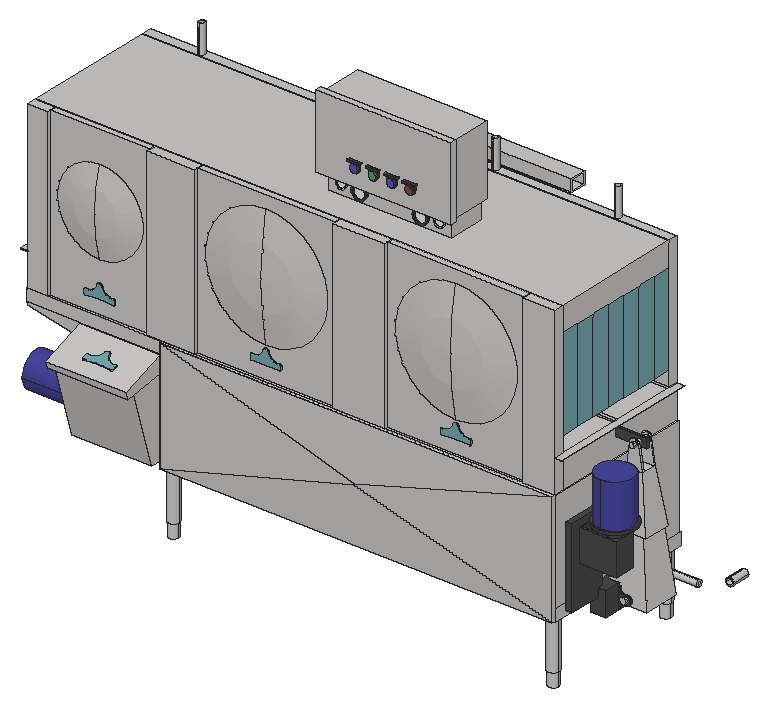
Revit family
Parameters (values of type "208/60/3")
  Width = 7' - 2"  # constant formula
  Weight in Pounds = 1700
  Watermarked By = "http://revitwatermark.com"
  Waste Water Discharge Temperature [instance] = -459.67 °F
  Volts = 208 V
  Ventilation Remarks [instance] = ""
  URL Cutsheet = ""
  URL = "www.stero.com"
  Total Height = 5' - 10 1/2"
  Table Height = 2' - 10"
  Swing Doors [instance] = no
  Steam Supply Volume [instance] = 0.00 GPM
  Steam Supply Size = 1"
  Steam Supply RI Height [instance] = 0' - 0"
  Steam Supply Minimum Pressure = 15.00 psi
  Steam Supply Maximum Pressure = 40.00 psi
  Steam Supply Connection Height = 0' - 10"
  Steam Pounds per Hour = 140
  Status [instance] = ""
  Standard Doors [instance] = not(Swing Doors)  # yes
  Specification by User [instance] = ""
  Specification by Manufacturer = ""
  Serial Number [instance] = ""
  Seismic Rating [instance] = ""
  SMACNA No [instance] = ""
  Right Ventilation Remarks [instance] = ""
  Right Vent [instance] = no
  Right Exhaust Volume [instance] = if(Right Vent, 400 CFM, 0 CFM)  # 0 CFM
  Right Exhaust Vent Width = 0' - 3 7/8"
  Right Exhaust Vent Text = "Vent, Unload End"
  Right Exhaust Vent Depth = 2' - 0 7/8"
  Right Exhaust Static Press = 0.00 in-wg
  Right Exhaust RI Height [instance] = 0' - 0"
  Right Exhaust Item Number [instance] = "-"
  Right Drain [instance] = no
  Revision Code [instance] = ""
  Plumbing Remarks [instance] = ""
  Plumbing Connection Type [instance] = ""
  Phase = 3
  Number of Poles [instance] = 1
  NAFEM Spec ID Number [instance] = ""
  Model = "ER-86S"
  Mechanical Remarks [instance] = ""
  Mechanical Connection Type [instance] = ""
  Masterspec = ""
  Manufacturer = "Stero"
  Machine Height = 4' - 7 1/2"
  Left Vent [instance] = no
  Left Drain [instance] = not(Right Drain)  # yes
  Item Number [instance] = "-"
  Installed By [instance] = ""
  Indirect Waste Size = 2"
  Indirect Waste Flow [instance] = 0.00 GPM
  Indirect Waste Connection Type [instance] = ""
  Indirect Waste Connection Height = 0' - 6"
  Hot Water Usage Rack = "- Gal/Rack"
  Hot Water Usage = "120.6 GPH"
  Hot Water Temperature = 180 °F
  Hot Water Size = 3/4"
  Hot Water RI Height [instance] = 0' - 0"
  Hot Water Minimum Pressure = 20.00 psi
  Hot Water Maximum Pressure = 20.00 psi
  Hot Water Flow = 2.01 GPM
  Hot Water Consumption = 2.01 GPM
  Hot Water Connection Height = 5' - 0"
  HP = "5.25"
  Furnished By [instance] = ""
  Foodservice Equipment Identifier [instance] = yes
  FL Amps = 17.9 A
  Exhaust Volume [instance] = if(Left Vent, 200 CFM, 0 CFM)  # 0 CFM
  Exhaust Vent Width = 0' - 3 7/8"
  Exhaust Vent Text = "Vent, Load End"
  Exhaust Vent Depth = 2' - 0 7/8"
  Exhaust Static Press = 0.00 in-wg
  Exhaust RI Height [instance] = 0' - 0"
  Electrical Remarks [instance] = ""
  Electric Connection Type [instance] = ""
  Elec Conn RI Height [instance] = 0' - 0"
  Elec Conn Connection Height = 5' - 8 1/2"
  Description = "Dishwasher, Conveyor"
  Depth = 2' - 1"
  Cycle = 60 Hz
  Conn Conduit = yes
  Condensate Return Size = 3/4"
  Condensate Return RI Height [instance] = 0' - 0"
  Condensate Return Connection Height = 0' - 8"
  Cold Water Temperature Recommended [instance] = -459.67 °F
  Cold Water Size = 3/4"
  Cold Water RI Height [instance] = 0' - 0"
  Cold Water Minimum Pressure [instance] = 0.00 psi
  Cold Water Maximum Pressure [instance] = 0.00 psi
  Cold Water Flow [instance] = 0.00 GPM
  Cold Water Consumption [instance] = ""
  Cold Water Connection Height = 5' - 0"
  CSI MasterFormat = "11 48 13"
  Building Plumbing Remarks [instance] = ""
  Building Hot Water Temperature = 140 °F
  Building Hot Water Size = 3/4"
  Building Hot Water RI Height [instance] = 0' - 0"
  Building Hot Water Minimum Pressure [instance] = 20.00 psi
  Building Hot Water Maximum Pressure [instance] = 20.00 psi
  Building Hot Water Flow [instance] = 0.00 GPM
  Building Hot Water Consumption [instance] = 2.00 GPM
  Building Hot Water Connection Height = 5' - 0"
  Building HW Item Number [instance] = "-"
  Assembly Code = "E1090320"
  Apparent Power = if(Phase = 3, Volts * FL Amps * 1.73, Volts * FL Amps)  # 6441.14 VA
  24 Door Opening [instance] = if(Swing Doors, 2' 0", 1' 10 1/2")  # 1' - 10 1/2"
  18 Door Opening [instance] = if(Swing Doors, 1' 6", 1' 4 1/4")  # 1' - 4 1/4"
Reference planes (in)
  plane 1: z = 0
  plane 2 "Left of Main Body": x = 2.32772
  plane 3 "BACK": y = -48
  plane 4 "TOP": z = 70.5
  plane 5 "RIGHT": x = 66.32772
  plane 6 "FRONT": y = -73
  plane 7 "Right of Top": x = 66.07772
  plane 8 "Right of Ledge": x = 67.57772
  plane 9 "Right End Cowl": x = 76.32772
  plane 10: x = 69.39022
  plane 11 "Bottom of Machine": z = 10
  plane 12 "Table Height": z = 34
  plane 13 "Top of Machine": z = 55.5
  plane 14 "Panel Top": z = 28.5
  plane 15: z = 12
  plane 16: y = -73.5
  plane 17: y = -47.5
  plane 18: x = 2.07772
  plane 19: x = 66.57772
  plane 20: y = -49.625
  plane 21: y = -71.375
  plane 22 "Door Center": x = 34.32772
  plane 23: x = 7.57772
  plane 24: x = 30.07772
  plane 25 "Top of Opening": z = 51.5
  plane 26: z = 2.25
  plane 27: x = 24.32772
  plane 28: x = 44.32772
  plane 29: x = 23.32772
  plane 30: x = 45.32772
  plane 31 "Front of Lower Panel": y = -66.5
  plane 32: y = -60.5
  plane 33: y = -67
  plane 34 "Back of Panel": y = -60
  plane 35 "Front of Upper Panel": y = -68
  plane 36: x = 23.82772
  plane 37: x = 44.82772
  plane 38: x = 76.20272
  plane 39: x = 73.26522
  plane 40: y = -48.0625
  plane 41: y = -72.9375
  plane 42 "Top of Vents": z = 59.5
  plane 43: x = 19.82772
  plane 44: x = 48.82772
  plane 45: y = -45
  plane 46: z = 57.5
  plane 47: y = -43
  plane 48: z = 84.5
  plane 49: x = 38.57772
  plane 50: x = 61.07772
  plane 51: x = -29.67228
  plane 52: x = -22.73478
  plane 53: x = -29.54728
  plane 54: x = -26.60978
  plane 55 "LEFT": x = -19.67228
  plane 56: x = -19.42228
  plane 57: x = -20.92228
  plane 58: x = -19.92228
  plane 59: x = -0.20185
  plane 60: x = -16.45185
  plane 61 "Drain": y = -51
  plane 62: x = 77.32772
  plane 63: x = 72.32772
  plane 64: z = 8
  plane 65: x = 7.82772
  plane 66: x = -16.20185
  plane 67: x = 29.95272
  plane 68: x = -0.32685
  plane 69: x = 28.64022
  plane 70: x = -1.63935
  plane 71: x = 60.82772
  plane 72: x = 38.70272
  plane 73: x = 40.01522
Forms (in)
  Extrusion 1, solid, material "QF_Finishes_Stainless Steel"
    sketch origin (0, 0, 10) x (0, 1, 0) y (-1, 0, 0)
      loop
        line (-47.5, -2.07772) -> (-73, -2.07772) -> (-73, -66.57772) -> (-47.5, -66.57772) -> (-47.5, -2.07772)
    from 0 to 2
  Extrusion 2, solid, material "QF_Finishes_Stainless Steel"
    sketch origin (0, 0, 28.5) x (0, 1, 0) y (-1, 0, 0)
      loop
        line (-48, -2.32772) -> (-73, -2.32772) -> (-73, -66.57772) -> (-48, -66.57772) -> (-48, -2.32772)
    from 0 to -16.5
  Extrusion 3, solid, material "QF_Finishes_Stainless Steel"
    sketch origin (-22, 0, 34) x (0, 1, 0) y (-1, 0, 0)
      loop
        line (-48, -2.32772) -> (-48, -1.07772) -> (-73, -1.07772) -> (-73, -2.32772) -> (-48, -2.32772)
    from 0 to -0.125
  Extrusion 4, solid, material "QF_Finishes_Stainless Steel"
    sketch origin (0, 0, 34) x (0, 1, 0) y (-1, 0, 0)
      loop
        line (-48, -66.32772) -> (-73, -66.32772) -> (-73, -67.57772) -> (-48, -67.57772) -> (-48, -66.32772)
    from 0 to -0.125
  Extrusion 5, solid, material "QF_Finishes_Stainless Steel"
    sketch origin (0, 0, 34) x (0, 1, 0) y (-1, 0, 0)
      loop
        line (-48, 19.67228) -> (-71.375, 19.67228) -> (-71.375, -66.32772) -> (-48, -66.32772) -> (-48, 19.67228)
    from -0.25 to -5.5
  Extrusion 6, solid, material "QF_Finishes_Stainless Steel"
    sketch origin (0, 0, 34) x (0, 1, 0) y (-1, 0, 0)
      loop
        line (-60.25, 19.67228) -> (-60.75, 19.67228) -> (-60.75, -66.32772) -> (-60.25, -66.32772) -> (-60.25, 19.67228)
      loop
        line (-48, 19.67228) -> (-49.625, 19.67228) -> (-49.625, -66.32772) -> (-48, -66.32772) -> (-48, 19.67228)
    from 0 to -0.25
  Extrusion 7, solid, material "QF_Finishes_Stainless Steel"
    sketch origin (0, 0, 55.5) x (0, 1, 0) y (-1, 0, 0)
      loop
        line (-49.625, 19.67228) -> (-71.375, 19.67228) -> (-71.375, -66.32772) -> (-49.625, -66.32772) -> (-49.625, 19.67228)
    from 0 to -4
  Extrusion 8, solid, material "QF_Finishes_Stainless Steel"
    sketch origin (0, 0, 55.5) x (0, 1, 0) y (-1, 0, 0)
      loop
        line (-48, 19.67228) -> (-49.625, 19.67228) -> (-49.625, -66.32772) -> (-48, -66.32772) -> (-48, 19.67228)
    from 0 to -21.5
  Extrusion 9, solid, material "QF_Finishes_Stainless Steel"
    sketch origin (0, -73, 0) x (-1, 0, 0) y (0, 0, 1)
      loop
        line (0.20185, 55.5) -> (-7.57772, 55.5) -> (-7.57772, 28.5) -> (0.20185, 28.5) -> (0.20185, 55.5)
    from 0 to 1.625
  Blend 10, solid, material "QF_Finishes_Stainless Steel"
    base sketch origin (-15.01335, -74, 48) x (-1, 0, 0) y (0, 0, 1)
      loop
        line (-17.34107, -19.5) -> (-81.34107, -19.5) -> (-81.34107, -38) -> (-17.34107, -38) -> (-17.34107, -19.5)
    top sketch origin (-15.01335, -74, 48) x (-1, 0, 0) y (0, 0, 1)
      loop
        line (-49.37232, -28.71875) -> (-49.37232, -28.78125) -> (-49.30982, -28.78125) -> (-49.30982, -28.71875) -> (-49.37232, -28.71875)
    from 0.5 to 0
  Extrusion 11, solid, material "QF_Finishes_Stainless Steel"
    sketch origin (0, 0, 10) x (0, 1, 0) y (-1, 0, 0)
      loop
        line (-73, -2.32772) -> (-73.5, -2.32772) -> (-73.5, -66.32772) -> (-73, -66.32772) -> (-73, -2.32772)
    from 0 to 18.5
  Extrusion 12, solid, material "QF_Finishes_Stainless Steel"
    sketch origin (0, -73, 0) x (-1, 0, 0) y (0, 0, 1)
      loop
        line (-61.07772, 55.5) -> (-66.32772, 55.5) -> (-66.32772, 28.5) -> (-61.07772, 28.5) -> (-61.07772, 55.5)
    from 0 to 1.625
  Extrusion 13, solid, material "QF_Finishes_Stainless Steel", visible <- "Standard Doors"
    sketch origin (-15.5, 0, 55.5) x (0, 1, 0) y (-1, 0, 0)
      loop
        line (-71.375, -23.07772) -> (-72.5, -23.07772) -> (-72.5, -45.57772) -> (-71.375, -45.57772) -> (-71.375, -23.07772)
    from 0 to -27
  Extrusion 14, solid, material "QF_Finishes_Stainless Steel"
    sketch origin (0, 0, 0) x (1, 0, 0) y (0, 1, 0)
      loop
        circle (3.32772, -49) r 0.8125
    from 0 to 2.25
  Extrusion 15, solid, material "QF_Finishes_Stainless Steel"
    sketch origin (0, 0, 0) x (1, 0, 0) y (0, 1, 0)
      loop
        circle (3.32772, -49) r 0.9375
    from 2.25 to 10
  Extrusion 16, solid, material "QF_Finishes_Stainless Steel"
    sketch origin (48.65544, 0, 0) x (-1, 0, 0) y (0, -1, 0)
      loop
        circle (-16.67228, 49) r 0.8125
    from 0 to 2.25
  Extrusion 17, solid, material "QF_Finishes_Stainless Steel"
    sketch origin (48.65544, 0, 0) x (-1, 0, 0) y (0, -1, 0)
      loop
        circle (-16.67228, 49) r 0.9375
    from 2.25 to 10
  Extrusion 18, solid, material "QF_Finishes_Stainless Steel"
    sketch origin (0, -121, 0) x (1, 0, 0) y (0, 1, 0)
      loop
        circle (3.32772, 49) r 0.8125
    from 0 to 2.25
  Extrusion 19, solid, material "QF_Finishes_Stainless Steel"
    sketch origin (0, -121, 0) x (1, 0, 0) y (0, 1, 0)
      loop
        circle (3.32772, 49) r 0.9375
    from 2.25 to 10
  Extrusion 20, solid, material "QF_Finishes_Stainless Steel"
    sketch origin (48.65544, -121, 0) x (-1, 0, 0) y (0, -1, 0)
      loop
        circle (-16.67228, -49) r 0.8125
    from 0 to 2.25
  Extrusion 21, solid, material "QF_Finishes_Stainless Steel"
    sketch origin (48.65544, -121, 0) x (-1, 0, 0) y (0, -1, 0)
      loop
        circle (-16.67228, -49) r 0.9375
    from 2.25 to 10
  Extrusion 22, solid, material "QF_Finishes_Light Blue"
    sketch origin (0, 0, 51.5) x (0, 1, 0) y (-1, 0, 0)
      loop
        line (-49.625, -66.32772) -> (-49.625, -66.20272) -> (-52.625, -66.20272) -> (-52.625, -66.32772) -> (-49.625, -66.32772)
      loop
        line (-52.75, -66.32772) -> (-52.75, -66.20272) -> (-55.75, -66.20272) -> (-55.75, -66.32772) -> (-52.75, -66.32772)
      loop
        line (-55.875, -66.32772) -> (-55.875, -66.20272) -> (-58.875, -66.20272) -> (-58.875, -66.32772) -> (-55.875, -66.32772)
      loop
        line (-59, -66.32772) -> (-59, -66.20272) -> (-62, -66.20272) -> (-62, -66.32772) -> (-59, -66.32772)
      loop
        line (-62.125, -66.32772) -> (-62.125, -66.20272) -> (-65.125, -66.20272) -> (-65.125, -66.32772) -> (-62.125, -66.32772)
      loop
        line (-65.25, -66.32772) -> (-65.25, -66.20272) -> (-68.25, -66.20272) -> (-68.25, -66.32772) -> (-65.25, -66.32772)
      loop
        line (-68.375, -66.32772) -> (-68.375, -66.20272) -> (-71.375, -66.20272) -> (-71.375, -66.32772) -> (-68.375, -66.32772)
    from 0 to -15
  Extrusion 23, solid, material "QF_Finishes_Light Blue"
    sketch origin (26.65544, 0, 51.5) x (0, 1, 0) y (-1, 0, 0)
      loop
        line (-49.625, 46.32772) -> (-52.625, 46.32772) -> (-52.625, 46.20272) -> (-49.625, 46.20272) -> (-49.625, 46.32772)
      loop
        line (-52.75, 46.32772) -> (-55.75, 46.32772) -> (-55.75, 46.20272) -> (-52.75, 46.20272) -> (-52.75, 46.32772)
      loop
        line (-55.875, 46.32772) -> (-58.875, 46.32772) -> (-58.875, 46.20272) -> (-55.875, 46.20272) -> (-55.875, 46.32772)
      loop
        line (-59, 46.32772) -> (-62, 46.32772) -> (-62, 46.20272) -> (-59, 46.20272) -> (-59, 46.32772)
      loop
        line (-62.125, 46.32772) -> (-65.125, 46.32772) -> (-65.125, 46.20272) -> (-62.125, 46.20272) -> (-62.125, 46.32772)
      loop
        line (-65.25, 46.32772) -> (-68.25, 46.32772) -> (-68.25, 46.20272) -> (-65.25, 46.20272) -> (-65.25, 46.32772)
      loop
        line (-68.375, 46.32772) -> (-71.375, 46.32772) -> (-71.375, 46.20272) -> (-68.375, 46.20272) -> (-68.375, 46.32772)
    from 0 to -15
  Extrusion 24, solid, material "QF_Finishes_Stainless Steel"
    sketch origin (0, 0, 55.5) x (0, 1, 0) y (-1, 0, 0)
      loop
        line (-60.5, -24.32772) -> (-66.5, -24.32772) -> (-66.5, -44.32772) -> (-60.5, -44.32772) -> (-60.5, -24.32772)
    from 0 to 3.5
  Extrusion 25, solid, material "QF_Finishes_Stainless Steel"
    sketch origin (0, 0, 55.5) x (0, 1, 0) y (-1, 0, 0)
      loop
        line (-60, -23.82772) -> (-67, -23.82772) -> (-67, -44.82772) -> (-60, -44.82772) -> (-60, -23.82772)
    from 3 to 14.5
  Extrusion 26, solid, material "QF_Finishes_Stainless Steel"
    sketch origin (0, 0, 55.5) x (0, 1, 0) y (-1, 0, 0)
      loop
        line (-67, -23.32772) -> (-68, -23.32772) -> (-68, -45.32772) -> (-67, -45.32772) -> (-67, -23.32772)
    from 3 to 15
  Extrusion 27, solid, material "QF_Finishes_Black"
    sketch origin (0, -66.5, 0) x (-1, 0, 0) y (0, 0, 1)
      loop
        circle (-29.32772, 57) r 1.25
      loop
        circle (-29.32772, 57) r 1
    from 0 to -0.25
  Extrusion 28, solid, material "QF_Finishes_Stainless Steel"
    sketch origin (0, -66.5, 0) x (-1, 0, 0) y (0, 0, 1)
      loop
        circle (-26.32772, 57.25) r 0.75
      loop
        circle (-26.32772, 57.25) r 0.875
    from 0 to -0.125
  Extrusion 29, solid, material "QF_Finishes_White"
    sketch origin (0, -66.5, 0) x (-1, 0, 0) y (0, 0, 1)
      loop
        circle (-26.32772, 57.25) r 0.75
    from 0 to -0.0625
  Extrusion 30, solid, material "QF_Finishes_White"
    sketch origin (0, -66.5, 0) x (-1, 0, 0) y (0, 0, 1)
      loop
        circle (-29.32772, 57) r 1
    from 0 to -0.0625
  Extrusion 31, solid, material "QF_Finishes_Black"
    sketch origin (48.65544, -66.5, 0) x (1, 0, 0) y (0, 0, -1)
      loop
        circle (-9.32772, -57) r 1.25
      loop
        circle (-9.32772, -57) r 1
    from 0 to -0.25
  Extrusion 32, solid, material "QF_Finishes_Stainless Steel"
    sketch origin (48.65544, -66.5, 0) x (1, 0, 0) y (0, 0, -1)
      loop
        circle (-6.32772, -57.25) r 0.75
      loop
        circle (-6.32772, -57.25) r 0.875
    from 0 to -0.125
  Extrusion 33, solid, material "QF_Finishes_White"
    sketch origin (48.65544, -66.5, 0) x (1, 0, 0) y (0, 0, -1)
      loop
        circle (-6.32772, -57.25) r 0.75
    from 0 to -0.0625
  Extrusion 34, solid, material "QF_Finishes_White"
    sketch origin (48.65544, -66.5, 0) x (1, 0, 0) y (0, 0, -1)
      loop
        circle (-9.32772, -57) r 1
    from 0 to -0.0625
  Extrusion 35, solid, material "QF_Finishes_Black"
    sketch origin (0, -68, 0) x (-1, 0, 0) y (0, 0, 1)
      loop
        line (-33.82772, 62.5) -> (-33.82772, 62.25) -> (-31.82772, 62.25) -> (-31.82772, 62.5) -> (-33.82772, 62.5)
      loop
        line (-30.82772, 62.5) -> (-30.82772, 62.25) -> (-28.82772, 62.25) -> (-28.82772, 62.5) -> (-30.82772, 62.5)
      loop
        line (-34.82772, 62.5) -> (-36.82772, 62.5) -> (-36.82772, 62.25) -> (-34.82772, 62.25) -> (-34.82772, 62.5)
      loop
        line (-37.82772, 62.5) -> (-39.82772, 62.5) -> (-39.82772, 62.25) -> (-37.82772, 62.25) -> (-37.82772, 62.5)
    from 0 to -0.5
  Extrusion 36, solid, material "QF_Finishes_Navy Blue"
    sketch origin (0, -68, 0) x (-1, 0, 0) y (0, 0, 1)
      loop
        circle (-29.82772, 61.375) r 0.625
    from -0.125 to -0.375
  Extrusion 37, solid, material "QF_Finishes_LED Green"
    sketch origin (3, -68, 0) x (-1, 0, 0) y (0, 0, 1)
      loop
        circle (-29.82772, 61.375) r 0.625
    from -0.125 to -0.375
  Extrusion 38, solid, material "QF_Finishes_Navy Blue"
    sketch origin (6, -68, 0) x (-1, 0, 0) y (0, 0, 1)
      loop
        circle (-29.82772, 61.375) r 0.625
    from -0.125 to -0.375
  Extrusion 39, solid, material "QF_Finishes_LED Red"
    sketch origin (9, -68, 0) x (-1, 0, 0) y (0, 0, 1)
      loop
        circle (-29.82772, 61.375) r 0.625
    from -0.125 to -0.375
  Extrusion 40, solid, material "QF_Finishes_Black"
    sketch origin (0, -68, 0) x (-1, 0, 0) y (0, 0, 1)
      loop
        arc (-30.57772, 61.375) -> (-29.82772, 60.625) -> (-29.07772, 61.375) r 0.75
        line (-29.07772, 61.375) -> (-29.07772, 62.25) -> (-30.57772, 62.25) -> (-30.57772, 61.375)
      loop
        arc (-33.57772, 61.375) -> (-32.82772, 60.625) -> (-32.07772, 61.375) r 0.75
        line (-32.07772, 61.375) -> (-32.07772, 62.25) -> (-33.57772, 62.25) -> (-33.57772, 61.375)
      loop
        arc (-36.57772, 61.375) -> (-35.82772, 60.625) -> (-35.07772, 61.375) r 0.75
        line (-35.07772, 61.375) -> (-35.07772, 62.25) -> (-36.57772, 62.25) -> (-36.57772, 61.375)
      loop
        arc (-39.57772, 61.375) -> (-38.82772, 60.625) -> (-38.07772, 61.375) r 0.75
        line (-38.07772, 61.375) -> (-38.07772, 62.25) -> (-39.57772, 62.25) -> (-39.57772, 61.375)
    from 0 to -0.125
  Extrusion 41, solid, material "QF_Finishes_Light Blue", visible <- "Standard Doors"
    sketch origin (-15.5, -73, 0) x (-1, 0, 0) y (0, 0, 1)
      loop
        line (-33.71645, 30.65632) -> (-32.08461, 30.57309)
        arc (-32.08461, 30.57309) -> (-31.90443, 30.64773) -> (-31.82979, 30.82792) r 0.25483
        line (-31.82979, 30.82792) -> (-31.82979, 31.31285)
        arc (-31.82979, 31.31285) -> (-31.90343, 31.49062) -> (-32.08121, 31.56426) r 0.25142
        arc (-32.08121, 31.56426) -> (-33.22593, 31.7803) -> (-33.90311, 32.72819) r 1.56264
        arc (-33.90311, 32.72819) -> (-34.31726, 33.06213) -> (-34.74741, 32.74907) r 0.43733
        arc (-34.74741, 32.74907) -> (-35.42049, 31.78611) -> (-36.57423, 31.56426) r 1.56264
        arc (-36.57423, 31.56426) -> (-36.75201, 31.49062) -> (-36.82565, 31.31285) r 0.25142
        line (-36.82565, 31.31285) -> (-36.82565, 30.82792)
        arc (-36.82565, 30.82792) -> (-36.75101, 30.64773) -> (-36.57082, 30.57309) r 0.25483
        line (-36.57082, 30.57309) -> (-34.93898, 30.65632)
        arc (-34.93898, 30.65632) -> (-34.32772, 30.6719) -> (-33.71645, 30.65632) r 12
    from 0.5 to 0.4375
  Extrusion 42, solid, material "QF_Finishes_Stainless Steel", visible <- "Right Vent"
    sketch origin (66.07772, 0, 0) x (0, -1, 0) y (0, 0, 1)
      loop
        line (73, 55.5) -> (48, 55.5) -> (48, 50.5625) -> (49.625, 48.9375) -> (49.625, 49.11428) -> (48.125, 50.61428) -> (48.125, 55.375) -> (72.875, 55.375) -> (72.875, 39.17678) -> (71.375, 37.67678) -> (71.375, 37.5) -> (73, 39.125) -> (73, 55.5)
    from -0.25 to -10.125
  Extrusion 43, solid, material "QF_Finishes_Stainless Steel", visible <- "Right Vent"
    sketch origin (76.32772, 0, 0) x (0, 1, 0) y (0, 0, 1)
      loop
        line (-71.375, 37.5) -> (-71.375, 51.5) -> (-49.625, 51.5) -> (-49.625, 48.9375) -> (-48, 50.5625) -> (-48, 55.5) -> (-73, 55.5) -> (-73, 39.125) -> (-71.375, 37.5)
    from 0 to -0.125
  Extrusion 44, solid, material "QF_Finishes_Stainless Steel", visible <- "Right Vent"
    sketch origin (48.65544, 0, 55.5) x (0, 1, 0) y (-1, 0, 0)
      loop
        line (-48.0625, -24.60978) -> (-48.0625, -20.73478) -> (-72.9375, -20.73478) -> (-72.9375, -24.60978) -> (-48.0625, -24.60978)
      loop
        line (-48.1875, -24.48478) -> (-48.1875, -20.85978) -> (-72.8125, -20.85978) -> (-72.8125, -24.48478) -> (-48.1875, -24.48478)
    from 0 to 4
  Extrusion 45, void
    sketch origin (0, 0, 55.5) x (0, 1, 0) y (-1, 0, 0)
      loop
        line (-48.1875, -69.51522) -> (-72.8125, -69.51522) -> (-72.8125, -73.14022) -> (-48.1875, -73.14022) -> (-48.1875, -69.51522)
    from 0 to -0.125
  Extrusion 46, solid, material "QF_Finishes_Black"
    sketch origin (0, -73, 0) x (-1, 0, 0) y (0, 0, 1)
      loop
        line (-66.57772, 12) -> (-66.32772, 12) -> (-66.32772, 23.9375) -> (-67.70272, 23.9375) -> (-67.70272, 10.9375) -> (-66.57772, 10.9375) -> (-66.57772, 12)
    from 1.8125 to 7.8125
  Extrusion 47, solid, material "QF_Finishes_Black"
    sketch origin (0, 0, 10) x (0, 1, 0) y (-1, 0, 0)
      loop
        line (-66.875, -72.32772) -> (-66.875, -67.95272) -> (-69.5, -67.95272) -> (-69.5, -72.32772)
        arc (-69.5, -72.32772) -> (-68.1875, -71.01522) -> (-66.875, -72.32772) r 1.3125
      loop
        line (-69.75, -73.95272) -> (-66.625, -73.95272) -> (-66.625, -67.70272) -> (-69.75, -67.70272) -> (-69.75, -73.95272)
    from 7.6875 to 12.9375
  Extrusion 48, solid, material "QF_Finishes_Black"
    sketch origin (0, 0, 10) x (0, 1, 0) y (-1, 0, 0)
      loop
        circle (-68.1875, -72.32772) r 1.0625
    from 7.1875 to 7.6875
  Extrusion 49, solid, material "QF_Finishes_Black"
    sketch origin (0, 0, 10) x (0, 1, 0) y (-1, 0, 0)
      loop
        circle (-68.1875, -72.32772) r 1.3125
    from 12.9375 to 13.4375
  Blend 50, solid, material "QF_Finishes_Black"
    base sketch origin (0, 0, 10) x (0, 1, 0) y (-1, 0, 0)
      loop
        circle (-68.1875, -72.32772) r 1.3125
    top sketch origin (0, 0, 10) x (0, 1, 0) y (-1, 0, 0)
      loop
        circle (-68.1875, -72.32772) r 2.0625
    from 13.4375 to 14.4375
  Extrusion 51, solid, material "QF_Finishes_Black"
    sketch origin (0, 0, 10) x (0, 1, 0) y (-1, 0, 0)
      loop
        circle (-68.1875, -72.32772) r 3.25
    from 14.4375 to 14.8125
  Extrusion 52, solid, material "QF_Finishes_Blue"
    sketch origin (0, 0, 10) x (0, 1, 0) y (-1, 0, 0)
      loop
        circle (-68.1875, -72.32772) r 2.875
    from 14.8125 to 21.9375
  Extrusion 53, solid, material "QF_Finishes_Black"
    sketch origin (0, -73, 0) x (-1, 0, 0) y (0, 0, 1)
      loop
        line (-66.32772, 33.1875) -> (-71.57772, 33.1875) -> (-71.57772, 31.6875) -> (-66.32772, 31.6875) -> (-66.32772, 33.1875)
      loop
        circle (-70.57772, 32.4375) r 0.375
    from 12.3125 to 12.6875
  Extrusion 54, solid, material "QF_Finishes_Black"
    sketch origin (0, -73, 0) x (-1, 0, 0) y (0, 0, 1)
      loop
        line (-66.32772, 12) -> (-66.32772, 12.4375) -> (-69.07772, 12.4375) -> (-69.07772, 8.4375) -> (-66.57772, 8.4375) -> (-66.57772, 12) -> (-66.32772, 12)
    from 7 to 18
  Extrusion 55, solid, material "QF_Finishes_Black"
    sketch origin (0, -73, 0) x (-1, 0, 0) y (0, 0, 1)
      loop
        line (-69.07772, 12.125) -> (-69.32772, 12.125)
        arc (-69.32772, 12.125) -> (-69.5045, 12.05178) -> (-69.57772, 11.875) r 0.25
        line (-69.57772, 11.875) -> (-69.57772, 11.5625)
        arc (-69.57772, 11.5625) -> (-69.68755, 11.29733) -> (-69.95272, 11.1875) r 0.375
        line (-69.95272, 11.1875) -> (-70.57772, 11.1875)
        arc (-70.57772, 11.1875) -> (-71.32772, 10.4375) -> (-70.57772, 9.6875) r 0.75
        line (-70.57772, 9.6875) -> (-69.95272, 9.6875)
        arc (-69.95272, 9.6875) -> (-69.68755, 9.57767) -> (-69.57772, 9.3125) r 0.375
        line (-69.57772, 9.3125) -> (-69.57772, 9)
        arc (-69.57772, 9) -> (-69.5045, 8.82322) -> (-69.32772, 8.75) r 0.25
        line (-69.32772, 8.75) -> (-69.07772, 8.75) -> (-69.07772, 12.125)
      loop
        circle (-70.57772, 10.4375) r 0.5
    from 9.375 to 9.5
  Extrusion 56, solid, material "QF_Finishes_Black"
    sketch origin (0, -66.875, 0) x (-1, 0, 0) y (0, 0, 1)
      loop
        line (-69.07772, 12.125) -> (-69.32772, 12.125)
        arc (-69.32772, 12.125) -> (-69.5045, 12.05178) -> (-69.57772, 11.875) r 0.25
        line (-69.57772, 11.875) -> (-69.57772, 11.5625)
        arc (-69.57772, 11.5625) -> (-69.68755, 11.29733) -> (-69.95272, 11.1875) r 0.375
        line (-69.95272, 11.1875) -> (-70.57772, 11.1875)
        arc (-70.57772, 11.1875) -> (-71.32772, 10.4375) -> (-70.57772, 9.6875) r 0.75
        line (-70.57772, 9.6875) -> (-69.95272, 9.6875)
        arc (-69.95272, 9.6875) -> (-69.68755, 9.57767) -> (-69.57772, 9.3125) r 0.375
        line (-69.57772, 9.3125) -> (-69.57772, 9)
        arc (-69.57772, 9) -> (-69.5045, 8.82322) -> (-69.32772, 8.75) r 0.25
        line (-69.32772, 8.75) -> (-69.07772, 8.75) -> (-69.07772, 12.125)
      loop
        circle (-70.57772, 10.4375) r 0.5
    from 9.375 to 9.5
  Extrusion 57, solid, material "QF_Finishes_Stainless Steel"
    sketch origin (0, -73, 0) x (-1, 0, 0) y (0, 0, 1)
      loop
        circle (-70.32772, 32.4375) r 0.375
      loop
        line (-71.06584, 32.57045) -> (-71.76522, 28.6875) -> (-69.14022, 28.6875) -> (-69.5896, 32.57045)
        arc (-69.5896, 32.57045) -> (-70.32772, 33.1875) -> (-71.06584, 32.57045) r 0.75
    from 11.25 to 11.375
  Extrusion 58, solid, material "QF_Finishes_Stainless Steel"
    sketch origin (0, -48, 0) x (-1, 0, 0) y (0, 0, -1)
      loop
        circle (-70.32772, -32.4375) r 0.375
      loop
        arc (-71.06584, -32.57045) -> (-70.32772, -33.1875) -> (-69.5896, -32.57045) r 0.75
        line (-69.5896, -32.57045) -> (-69.14022, -28.6875) -> (-71.76522, -28.6875) -> (-71.06584, -32.57045)
    from 11.25 to 11.375
  Extrusion 59, solid, material "QF_Finishes_Stainless Steel"
    sketch origin (0, -73, 0) x (-1, 0, 0) y (0, 0, 1)
      loop
        circle (-70.32772, 32.4375) r 0.375
    from 10.75 to 14.25
  Blend 60, solid, material "QF_Finishes_Stainless Steel"
    base sketch origin (0, 0, 34) x (0, 1, 0) y (-1, 0, 0)
      loop
        line (-58.25, -67.89022) -> (-62.75, -67.89022) -> (-62.75, -73.01522) -> (-58.25, -73.01522) -> (-58.25, -67.89022)
    top sketch origin (0, 0, 34) x (0, 1, 0) y (-1, 0, 0)
      loop
        line (-59.25, -69.14022) -> (-61.75, -69.14022) -> (-61.75, -71.76522) -> (-59.25, -71.76522) -> (-59.25, -69.14022)
    from -14.0625 to -5.3125
  Blend 61, solid, material "QF_Finishes_Stainless Steel"
    base sketch origin (0, 0, 25.25) x (0, 1, 0) y (-1, 0, 0)
      loop
        line (-57.5, -67.14022) -> (-63.5, -67.14022) -> (-63.5, -73.76522) -> (-57.5, -73.76522) -> (-57.5, -67.14022)
    top sketch origin (0, 0, 25.25) x (0, 1, 0) y (-1, 0, 0)
      loop
        line (-58.5, -68.14022) -> (-62.5, -68.14022) -> (-62.5, -72.51522) -> (-58.5, -72.51522) -> (-58.5, -68.14022)
    from -15.5625 to -5.3125
  Extrusion 62, solid, material "QF_Finishes_Stainless Steel"
    sketch origin (0, -73, -22) x (-1, 0, 0) y (0, 0, 1)
      loop
        circle (-70.32772, 32.4375) r 0.5
    from 9 to 16
  Extrusion 63, solid, material "QF_Finishes_Stainless Steel"
    sketch origin (0, 0, 55.5) x (0, 1, 0) y (-1, 0, 0)
      loop
        circle (-48.75, -57.32772) r 0.375
      loop
        circle (-48.75, -57.32772) r 0.5
    from 0 to 4.5
  Extrusion 64, solid, material "QF_Finishes_Stainless Steel"
    sketch origin (2.32772, 0, 0) x (0, 1, 0) y (0, 0, 1)
      loop
        line (-45, 57.5) -> (-47.75, 57.5) -> (-47.75, 55.5) -> (-45, 55.5) -> (-45, 57.5)
      loop
        line (-45.125, 57.375) -> (-47.625, 57.375) -> (-47.625, 55.625) -> (-45.125, 55.625) -> (-45.125, 57.375)
    from 17.5 to 46.5
  Extrusion 65, solid, material "QF_Finishes_Stainless Steel"
    sketch origin (2.32772, 0, 0) x (0, 1, 0) y (0, 0, 1)
      loop
        line (-47.75, 55.5) -> (-47.75, 55.625) -> (-48, 55.625) -> (-48, 55.5) -> (-47.75, 55.5)
    from 17.5 to 46.5
  Extrusion 66, solid, material "QF_Finishes_Stainless Steel"
    sketch origin (0, -60, 0) x (-1, 0, 0) y (0, 0, 1)
      loop
        circle (-44.32772, 68.5) r 0.25
    from 0 to 0.0625
  Extrusion 67, solid, material "QF_Finishes_Stainless Steel"
    sketch origin (0, -1, 10) x (0, 1, 0) y (-1, 0, 0)
      loop
        circle (-50, -49.82772) r 1
      loop
        circle (-50, -49.82772) r 1.125
    from 0 to -4
  Extrusion 68, solid, material "QF_Finishes_Clearance", detail levels coarse
    sketch origin (0, 0, 0) x (1, 0, 0) y (0, 1, 0)
      loop
        line (-20.92228, -47.5) -> (19.82772, -47.5) -> (19.82772, -45) -> (48.82772, -45) -> (48.82772, -47.5) -> (67.57772, -47.5) -> (67.57772, -43) -> (-20.92228, -43) -> (-20.92228, -47.5)
    from 0 to 70.5
  Extrusion 69, solid, material "QF_Finishes_Clearance", visible <- "Standard Doors", detail levels coarse
    sketch origin (-15.5, -73, 0) x (-1, 0, 0) y (0, 0, 1)
      loop
        line (-23.07772, 84.5) -> (-45.57772, 84.5) -> (-45.57772, 55.5) -> (-23.07772, 55.5) -> (-23.07772, 84.5)
    from 0 to 1.625
  Extrusion 70, solid, material "QF_Finishes_Clearance", visible <- "Right Vent", detail levels coarse
    sketch origin (0, 0, 0) x (1, 0, 0) y (0, 1, 0)
      loop
        line (67.57772, -43) -> (67.57772, -47.5) -> (76.32772, -47.5) -> (76.32772, -43) -> (67.57772, -43)
    from 0 to 70.5
  Revolve 71, solid, material "QF_Finishes_Stainless Steel", visible <- "Standard Doors"
    sketch origin (18.82772, 0, 0) x (0, 1, 0) y (0, 0, 1)
      loop
        line (-72.5, 43.5) -> (-72.5, 53.5)
        arc (-72.5, 53.5) -> (-73.26244, 48.52624) -> (-73.5, 43.5) r 48
        line (-73.5, 43.5) -> (-72.5, 43.5)
      axis (-72.5, 43.5) -> (-73.5, 43.5)
    angle from 0 to 360
  Extrusion 72, solid, material "QF_Finishes_Stainless Steel", visible <- "Standard Doors"
    sketch origin (14.5, 0, 55.5) x (0, 1, 0) y (-1, 0, 0)
      loop
        line (-71.375, -24.07772) -> (-72.5, -24.07772) -> (-72.5, -46.57772) -> (-71.375, -46.57772) -> (-71.375, -24.07772)
    from 0 to -27
  Extrusion 73, solid, material "QF_Finishes_Light Blue", visible <- "Standard Doors"
    sketch origin (15.5, -73, 0) x (-1, 0, 0) y (0, 0, 1)
      loop
        line (-33.71645, 30.65632) -> (-32.08461, 30.57309)
        arc (-32.08461, 30.57309) -> (-31.90443, 30.64773) -> (-31.82979, 30.82792) r 0.25483
        line (-31.82979, 30.82792) -> (-31.82979, 31.31285)
        arc (-31.82979, 31.31285) -> (-31.90343, 31.49062) -> (-32.08121, 31.56426) r 0.25142
        arc (-32.08121, 31.56426) -> (-33.22593, 31.7803) -> (-33.90311, 32.72819) r 1.56264
        arc (-33.90311, 32.72819) -> (-34.31726, 33.06213) -> (-34.74741, 32.74907) r 0.43733
        arc (-34.74741, 32.74907) -> (-35.42049, 31.78611) -> (-36.57423, 31.56426) r 1.56264
        arc (-36.57423, 31.56426) -> (-36.75201, 31.49062) -> (-36.82565, 31.31285) r 0.25142
        line (-36.82565, 31.31285) -> (-36.82565, 30.82792)
        arc (-36.82565, 30.82792) -> (-36.75101, 30.64773) -> (-36.57082, 30.57309) r 0.25483
        line (-36.57082, 30.57309) -> (-34.93898, 30.65632)
        arc (-34.93898, 30.65632) -> (-34.32772, 30.6719) -> (-33.71645, 30.65632) r 12
    from 0.5 to 0.4375
  Extrusion 74, solid, material "QF_Finishes_Clearance", visible <- "Standard Doors", detail levels coarse
    sketch origin (14.5, -73, 0) x (-1, 0, 0) y (0, 0, 1)
      loop
        line (-24.07772, 84.5) -> (-46.57772, 84.5) -> (-46.57772, 55.5) -> (-24.07772, 55.5) -> (-24.07772, 84.5)
    from 0 to 1.625
  Revolve 75, solid, material "QF_Finishes_Stainless Steel", visible <- "Standard Doors"
    sketch origin (49.82772, 0, 0) x (0, 1, 0) y (0, 0, 1)
      loop
        line (-72.5, 43.5) -> (-72.5, 53.5)
        arc (-72.5, 53.5) -> (-73.26244, 48.52624) -> (-73.5, 43.5) r 48
        line (-73.5, 43.5) -> (-72.5, 43.5)
      axis (-72.5, 43.5) -> (-73.5, 43.5)
    angle from 0 to 360
  Extrusion 76, solid, material "QF_Finishes_Stainless Steel"
    sketch origin (-29, -73, 0) x (-1, 0, 0) y (0, 0, 1)
      loop
        line (-59.07772, 55.5) -> (-67.57772, 55.5) -> (-67.57772, 28.5) -> (-59.07772, 28.5) -> (-59.07772, 55.5)
    from 0 to 1.625
  Extrusion 77, solid, material "QF_Finishes_Stainless Steel"
    sketch origin (-44, 0, 55.5) x (0, 1, 0) y (-1, 0, 0)
      loop
        circle (-48.75, -81.32772) r 0.375
      loop
        circle (-48.75, -81.32772) r 0.5
    from 0 to 4.5
  Extrusion 78, solid, material "QF_Finishes_Stainless Steel", visible <- "Right Drain"
    sketch origin (0, -1, 0) x (1, 0, 0) y (0, 1, 0)
      loop
        circle (49.82772, -50) r 1
    from 6 to 6.25
  Extrusion 79, solid, material "QF_Finishes_Stainless Steel", visible <- "Left Vent"
    sketch origin (-19.67228, 0, 0) x (0, 1, 0) y (0, 0, 1)
      loop
        line (-73, 55.5) -> (-73, 39.125) -> (-71.375, 37.5) -> (-71.375, 37.67678) -> (-72.875, 39.17678) -> (-72.875, 55.375) -> (-48.125, 55.375) -> (-48.125, 50.61428) -> (-49.625, 49.11428) -> (-49.625, 48.9375) -> (-48, 50.5625) -> (-48, 55.5) -> (-73, 55.5)
    from 0 to -9.875
  Extrusion 80, solid, material "QF_Finishes_Stainless Steel", visible <- "Left Vent"
    sketch origin (-29.67228, 0, 0) x (0, 1, 0) y (0, 0, 1)
      loop
        line (-71.375, 37.5) -> (-71.375, 51.5) -> (-49.625, 51.5) -> (-49.625, 48.9375) -> (-48, 50.5625) -> (-48, 55.5) -> (-73, 55.5) -> (-73, 39.125) -> (-71.375, 37.5)
    from 0 to 0.125
  Extrusion 81, solid, material "QF_Finishes_Stainless Steel", visible <- "Left Vent"
    sketch origin (-22.25, 0, 55.5) x (0, 1, 0) y (-1, 0, 0)
      loop
        line (-48.0625, 4.35978) -> (-72.9375, 4.35978) -> (-72.9375, 0.48478) -> (-48.0625, 0.48478) -> (-48.0625, 4.35978)
      loop
        line (-48.1875, 4.23478) -> (-72.8125, 4.23478) -> (-72.8125, 0.60978) -> (-48.1875, 0.60978) -> (-48.1875, 4.23478)
    from 0 to 4
  Extrusion 82, solid, material "QF_Finishes_Clearance", visible <- "Left Vent", detail levels coarse
    sketch origin (-22.25, 0, 0) x (1, 0, 0) y (0, 1, 0)
      loop
        line (-7.42228, -43) -> (-7.42228, -47.5) -> (1.32772, -47.5) -> (1.32772, -43) -> (-7.42228, -43)
    from 0 to 70.5
  Extrusion 83, solid, material "QF_Finishes_Stainless Steel", visible <- "Standard Doors"
    sketch origin (-32.65457, 0, 55.5) x (0, 1, 0) y (-1, 0, 0)
      loop
        line (-71.375, -16.20272) -> (-72.5, -16.20272) -> (-72.5, -32.45272) -> (-71.375, -32.45272) -> (-71.375, -16.20272)
    from 0 to -27
  Revolve 84, solid, material "QF_Finishes_Stainless Steel", visible <- "Standard Doors"
    sketch origin (-8.32685, 0, 0) x (0, 1, 0) y (0, 0, 1)
      loop
        line (-72.5, 43.5) -> (-72.5, 50.5)
        arc (-72.5, 50.5) -> (-73.23908, 47.03415) -> (-73.5, 43.5) r 26
        line (-73.5, 43.5) -> (-72.5, 43.5)
      axis (-72.5, 43.5) -> (-73.5, 43.5)
    angle from 0 to 360
  Extrusion 85, solid, material "QF_Finishes_Light Blue", visible <- "Standard Doors"
    sketch origin (-32.65457, -73, 0) x (-1, 0, 0) y (0, 0, 1)
      loop
        line (-23.71645, 30.65632) -> (-22.08461, 30.57309)
        arc (-22.08461, 30.57309) -> (-21.90443, 30.64773) -> (-21.82979, 30.82792) r 0.25483
        line (-21.82979, 30.82792) -> (-21.82979, 31.31285)
        arc (-21.82979, 31.31285) -> (-21.90343, 31.49062) -> (-22.08121, 31.56426) r 0.25142
        arc (-22.08121, 31.56426) -> (-23.22593, 31.7803) -> (-23.90311, 32.72819) r 1.56264
        arc (-23.90311, 32.72819) -> (-24.31726, 33.06213) -> (-24.74741, 32.74907) r 0.43733
        arc (-24.74741, 32.74907) -> (-25.42049, 31.78611) -> (-26.57423, 31.56426) r 1.56264
        arc (-26.57423, 31.56426) -> (-26.75201, 31.49062) -> (-26.82565, 31.31285) r 0.25142
        line (-26.82565, 31.31285) -> (-26.82565, 30.82792)
        arc (-26.82565, 30.82792) -> (-26.75101, 30.64773) -> (-26.57082, 30.57309) r 0.25483
        line (-26.57082, 30.57309) -> (-24.93898, 30.65632)
        arc (-24.93898, 30.65632) -> (-24.32772, 30.6719) -> (-23.71645, 30.65632) r 12
    from 0.5 to 0.4375
  Extrusion 86, solid, material "QF_Finishes_Clearance", visible <- "Standard Doors", detail levels coarse
    sketch origin (-32.65457, -73, 0) x (-1, 0, 0) y (0, 0, 1)
      loop
        line (-16.20272, 84.5) -> (-32.45272, 84.5) -> (-32.45272, 55.5) -> (-16.20272, 55.5) -> (-16.20272, 84.5)
    from 0.5 to 1.625
  Extrusion 87, solid, material "QF_Finishes_Stainless Steel"
    sketch origin (-0.5, -73, 0) x (-1, 0, 0) y (0, 0, 1)
      loop
        line (10.60978, 26.5) -> (-2.57772, 26.5) -> (-2.57772, 10.9375) -> (10.60978, 10.9375) -> (10.60978, 26.5)
    from 0 to 25
  Extrusion 88, solid, material "QF_Finishes_Stainless Steel"
    sketch origin (-11.10978, 0, 0) x (0, 1, 0) y (0, 0, 1)
      loop
        line (-73, 10.9375) -> (-73, 23.75) -> (-78.50369, 23.01085) -> (-74.8125, 10.9375) -> (-73, 10.9375)
    from 0 to 13.1875
  Extrusion 89, solid, material "QF_Finishes_Stainless Steel"
    sketch origin (-11.10978, 0, 0) x (0, 1, 0) y (0, 0, 1)
      loop
        line (-73, 23.75) -> (-73, 26.4375) -> (-80, 23.88971) -> (-79.75188, 22.84321) -> (-73, 23.75)
    from 0 to 13.1875
  Extrusion 90, solid, material "QF_Finishes_Light Blue"
    sketch origin (-29.09375, -106.64897, 14.72237) x (-1, 0, 0) y (0, 0.939693, 0.34202)
      loop
        line (-23.9661, 30.65632) -> (-22.33426, 30.57309)
        arc (-22.33426, 30.57309) -> (-22.15408, 30.64773) -> (-22.07944, 30.82792) r 0.25483
        line (-22.07944, 30.82792) -> (-22.07944, 31.31285)
        arc (-22.07944, 31.31285) -> (-22.15308, 31.49062) -> (-22.33085, 31.56426) r 0.25142
        arc (-22.33085, 31.56426) -> (-23.47558, 31.7803) -> (-24.15276, 32.72819) r 1.56264
        arc (-24.15276, 32.72819) -> (-24.56691, 33.06213) -> (-24.99706, 32.74907) r 0.43733
        arc (-24.99706, 32.74907) -> (-25.67014, 31.78611) -> (-26.82388, 31.56426) r 1.56264
        arc (-26.82388, 31.56426) -> (-27.00166, 31.49062) -> (-27.0753, 31.31285) r 0.25142
        line (-27.0753, 31.31285) -> (-27.0753, 30.82792)
        arc (-27.0753, 30.82792) -> (-27.00066, 30.64773) -> (-26.82047, 30.57309) r 0.25483
        line (-26.82047, 30.57309) -> (-25.18863, 30.65632)
        arc (-25.18863, 30.65632) -> (-24.57737, 30.6719) -> (-23.9661, 30.65632) r 12
    from 0.5 to 0.4375
  Extrusion 91, solid, material "QF_Finishes_Black"
    sketch origin (-11.10978, 0, 0) x (0, 1, 0) y (0, 0, 1)
      loop
        circle (-68, 13.625) r 3.75
    from 0 to -0.375
  Extrusion 92, solid, material "QF_Finishes_Blue"
    sketch origin (-11.10978, 0, 0) x (0, 1, 0) y (0, 0, 1)
      loop
        circle (-68, 13.625) r 2.875
    from -0.375 to -11.1875
  Extrusion 93, solid, material "QF_Finishes_Stainless Steel"
    sketch origin (-0.5, -73, 0) x (-1, 0, 0) y (0, 0, 1)
      loop
        line (19.17228, 26.5) -> (10.60978, 26.5) -> (10.60978, 24.25) -> (19.17228, 26.125) -> (19.17228, 26.5)
    from 0 to 25
  Sweep 94, solid, material "QF_Finishes_Stainless Steel"
    path origin (0.03293, -51, 0) x (-1, 0, 0) y (0, 0, 1)
      loop
        line (-49.89022, 8.5) -> (9.60978, 8.5)
    profile origin (20.17315, -51, 8.5) x (0, 0, 1) y (0, 1, 0)
      loop
        circle (0, 0) r 1
      loop
        circle (0, 0) r 1.125
  Extrusion 95, solid, material "QF_Finishes_Stainless Steel"
    sketch origin (-20.27957, -1, 10) x (0, 1, 0) y (-1, 0, 0)
      loop
        circle (-50, -10.60729) r 1
      loop
        circle (-50, -10.60729) r 1.125
    from 0.9375 to -4
  Extrusion 96, solid, material "QF_Finishes_Stainless Steel", visible <- "Right Drain"
    sketch origin (0.03293, -1, 0) x (1, 0, 0) y (0, 1, 0)
      loop
        circle (-9.70521, -50) r 1
    from 6 to 6.25
  Extrusion 97, solid, material "QF_Finishes_Stainless Steel"
    sketch origin (-24.02957, -73, 0) x (-1, 0, 0) y (0, 0, 1)
      loop
        line (-4.35729, 55.5) -> (-7.57772, 55.5) -> (-7.57772, 28.5) -> (-4.35729, 28.5) -> (-4.35729, 55.5)
    from 0 to 1.625
  Extrusion 98, solid, material "QF_Finishes_Stainless Steel"
    sketch origin (-22.25, 0, 28.5) x (0, 1, 0) y (-1, 0, 0)
      loop
        line (-48, -2.32772) -> (-73, -2.32772) -> (-73, -24.57772) -> (-48, -24.57772) -> (-48, -2.32772)
    from 0 to -2
  Extrusion 99, void
    sketch origin (0, 0, 55.5) x (0, 1, 0) y (-1, 0, 0)
      loop
        line (-48.1875, 26.48478) -> (-72.8125, 26.48478) -> (-72.8125, 22.85978) -> (-48.1875, 22.85978) -> (-48.1875, 26.48478)
    from 0 to -0.125
  Extrusion 100, solid, material "QF_Finishes_Stainless Steel"
    sketch origin (-69.75, 0, 55.5) x (0, 1, 0) y (-1, 0, 0)
      loop
        circle (-48.75, -59.07772) r 0.375
      loop
        circle (-48.75, -59.07772) r 0.5
    from 0 to 4.5
  Extrusion 101, solid, material "QF_Finishes_Stainless Steel"
    sketch origin (0, -48, 0) x (1, 0, 0) y (0, 0, 1)
      loop
        circle (77.32772, 10) r 0.5
      loop
        circle (77.32772, 10) r 0.625
    from 0 to 3
  Sweep 102, solid, material "QF_Finishes_Stainless Steel"
    path origin (0, -51, 0) x (-1, 0, 0) y (0, 0, 1)
      loop
        line (-72.32772, 8) -> (-66.32772, 8)
        arc (-66.32772, 8) -> (-65.62061, 8.29289) -> (-65.32772, 9) r 1
        line (-65.32772, 9) -> (-65.32772, 10)
    profile origin (69.32772, -51, 8) x (0, 0, 1) y (0, 1, 0)
      loop
        circle (0, 0) r 0.375
      loop
        circle (0, 0) r 0.5
  Extrusion 103, solid, material "QF_Finishes_Stainless Steel", not visible
    sketch origin (-11.10978, 0, 0) x (0, 1, 0) y (0, 0, 1)
      loop
        line (-73, 10.9375) -> (-73, 23.75) -> (-78.50369, 23.01085) -> (-74.8125, 10.9375) -> (-73, 10.9375)
    from 0 to 13.1875
  Extrusion 104, solid, material "QF_Finishes_Stainless Steel", not visible
    sketch origin (-11.10978, 0, 0) x (0, 1, 0) y (0, 0, 1)
      loop
        line (-73, 23.75) -> (-73, 26.4375) -> (-80, 23.88971) -> (-79.75188, 22.84321) -> (-73, 23.75)
    from 0 to 13.1875
  Extrusion 105, solid, material "QF_Finishes_Light Blue", not visible
    sketch origin (-29.09375, -106.64897, 14.72237) x (-1, 0, 0) y (0, 0.939693, 0.34202)
      loop
        line (-23.9661, 30.65632) -> (-22.33426, 30.57309)
        arc (-22.33426, 30.57309) -> (-22.15408, 30.64773) -> (-22.07944, 30.82792) r 0.25483
        line (-22.07944, 30.82792) -> (-22.07944, 31.31285)
        arc (-22.07944, 31.31285) -> (-22.15308, 31.49062) -> (-22.33085, 31.56426) r 0.25142
        arc (-22.33085, 31.56426) -> (-23.47558, 31.7803) -> (-24.15276, 32.72819) r 1.56264
        arc (-24.15276, 32.72819) -> (-24.56691, 33.06213) -> (-24.99706, 32.74907) r 0.43733
        arc (-24.99706, 32.74907) -> (-25.67014, 31.78611) -> (-26.82388, 31.56426) r 1.56264
        arc (-26.82388, 31.56426) -> (-27.00166, 31.49062) -> (-27.0753, 31.31285) r 0.25142
        line (-27.0753, 31.31285) -> (-27.0753, 30.82792)
        arc (-27.0753, 30.82792) -> (-27.00066, 30.64773) -> (-26.82047, 30.57309) r 0.25483
        line (-26.82047, 30.57309) -> (-25.18863, 30.65632)
        arc (-25.18863, 30.65632) -> (-24.57737, 30.6719) -> (-23.9661, 30.65632) r 12
    from 0.5 to 0.4375
  Extrusion 106, solid, material "QF_Finishes_Black", not visible
    sketch origin (0, -68, 0) x (-1, 0, 0) y (0, 0, 1)
      loop
        line (-33.82772, 62.5) -> (-33.82772, 62.25) -> (-31.82772, 62.25) -> (-31.82772, 62.5) -> (-33.82772, 62.5)
      loop
        line (-30.82772, 62.5) -> (-30.82772, 62.25) -> (-28.82772, 62.25) -> (-28.82772, 62.5) -> (-30.82772, 62.5)
      loop
        line (-34.82772, 62.5) -> (-36.82772, 62.5) -> (-36.82772, 62.25) -> (-34.82772, 62.25) -> (-34.82772, 62.5)
      loop
        line (-37.82772, 62.5) -> (-39.82772, 62.5) -> (-39.82772, 62.25) -> (-37.82772, 62.25) -> (-37.82772, 62.5)
    from 0 to -0.5
  Extrusion 107, solid, material "QF_Finishes_Navy Blue", not visible
    sketch origin (0, -68, 0) x (-1, 0, 0) y (0, 0, 1)
      loop
        circle (-29.82772, 61.375) r 0.625
    from -0.125 to -0.375
  Extrusion 108, solid, material "QF_Finishes_LED Green", not visible
    sketch origin (3, -68, 0) x (-1, 0, 0) y (0, 0, 1)
      loop
        circle (-29.82772, 61.375) r 0.625
    from -0.125 to -0.375
  Extrusion 109, solid, material "QF_Finishes_Navy Blue", not visible
    sketch origin (6, -68, 0) x (-1, 0, 0) y (0, 0, 1)
      loop
        circle (-29.82772, 61.375) r 0.625
    from -0.125 to -0.375
  Extrusion 110, solid, material "QF_Finishes_LED Red", not visible
    sketch origin (9, -68, 0) x (-1, 0, 0) y (0, 0, 1)
      loop
        circle (-29.82772, 61.375) r 0.625
    from -0.125 to -0.375
  Extrusion 111, solid, material "QF_Finishes_Black", not visible
    sketch origin (0, -68, 0) x (-1, 0, 0) y (0, 0, 1)
      loop
        arc (-30.57772, 61.375) -> (-29.82772, 60.625) -> (-29.07772, 61.375) r 0.75
        line (-29.07772, 61.375) -> (-29.07772, 62.25) -> (-30.57772, 62.25) -> (-30.57772, 61.375)
      loop
        arc (-33.57772, 61.375) -> (-32.82772, 60.625) -> (-32.07772, 61.375) r 0.75
        line (-32.07772, 61.375) -> (-32.07772, 62.25) -> (-33.57772, 62.25) -> (-33.57772, 61.375)
      loop
        arc (-36.57772, 61.375) -> (-35.82772, 60.625) -> (-35.07772, 61.375) r 0.75
        line (-35.07772, 61.375) -> (-35.07772, 62.25) -> (-36.57772, 62.25) -> (-36.57772, 61.375)
      loop
        arc (-39.57772, 61.375) -> (-38.82772, 60.625) -> (-38.07772, 61.375) r 0.75
        line (-38.07772, 61.375) -> (-38.07772, 62.25) -> (-39.57772, 62.25) -> (-39.57772, 61.375)
    from 0 to -0.125
  Extrusion 112, solid, material "QF_Finishes_Stainless Steel", visible <- "Swing Doors"
    sketch origin (0, 0, 55.5) x (0, 1, 0) y (-1, 0, 0)
      loop
        line (-71.375, 16.20185) -> (-73, 16.20185) -> (-73, 0.32685) -> (-71.375, 0.32685) -> (-71.375, 16.20185)
    from 0 to -27
  Extrusion 113, solid, material "QF_Finishes_Stainless Steel", visible <- "Swing Doors"
    sketch origin (0, 0, 55.5) x (0, 1, 0) y (-1, 0, 0)
      loop
        line (-71.375, -7.82772) -> (-73, -7.82772) -> (-73, -29.95272) -> (-71.375, -29.95272) -> (-71.375, -7.82772)
    from 0 to -27
  Extrusion 114, solid, material "QF_Finishes_Stainless Steel", visible <- "Swing Doors"
    sketch origin (0, 0, 55.5) x (0, 1, 0) y (-1, 0, 0)
      loop
        line (-71.375, -38.70272) -> (-73, -38.70272) -> (-73, -60.82772) -> (-71.375, -60.82772) -> (-71.375, -38.70272)
    from 0 to -27
  Extrusion 115, solid, material "QF_Finishes_Stainless Steel", visible <- "Swing Doors"
    sketch origin (-5.49909, 0.00205, 52.4375) x (0, 1, 0) y (-1, 0, 0)
      loop
        circle (-73.25, -13.07772) r 0.25
    from 0 to -3
  Extrusion 116, solid, material "QF_Finishes_Stainless Steel", visible <- "Swing Doors"
    sketch origin (-5.49909, 0.00205, 35.8125) x (0, 1, 0) y (-1, 0, 0)
      loop
        circle (-73.25, -13.07772) r 0.25
    from 0 to -3
  Sweep 117, solid, material "QF_Finishes_Stainless Steel", visible <- "Swing Doors"
    path origin (28.64022, -19.02724, 48) x (0, 1, 0) y (0, 0, 1)
      loop
        line (-53.97071, -0.9375) -> (-54.59571, -0.9375)
        arc (-54.59571, -0.9375) -> (-54.94926, -1.08395) -> (-55.09571, -1.4375) r 0.5
        line (-55.09571, -1.4375) -> (-55.09571, -9.6875)
        arc (-55.09571, -9.6875) -> (-54.94926, -10.04105) -> (-54.59571, -10.1875) r 0.5
        line (-54.59571, -10.1875) -> (-53.97071, -10.1875)
    profile origin (28.64022, -73.31045, 47.0625) x (0, 0, -1) y (1, 0, 0)
      loop
        circle (0, 0) r 0.375
  Sweep 118, solid, material "QF_Finishes_Stainless Steel", visible <- "Swing Doors"
    path origin (40.01522, -19.02724, 48) x (0, 1, 0) y (0, 0, 1)
      loop
        line (-53.97071, -0.9375) -> (-54.59571, -0.9375)
        arc (-54.59571, -0.9375) -> (-54.94926, -1.08395) -> (-55.09571, -1.4375) r 0.5
        line (-55.09571, -1.4375) -> (-55.09571, -9.6875)
        arc (-55.09571, -9.6875) -> (-54.94926, -10.04105) -> (-54.59571, -10.1875) r 0.5
        line (-54.59571, -10.1875) -> (-53.97071, -10.1875)
    profile origin (40.01522, -73.31045, 47.0625) x (0, 0, -1) y (1, 0, 0)
      loop
        circle (0, 0) r 0.375
  Extrusion 119, solid, material "QF_Finishes_Stainless Steel", visible <- "Swing Doors"
    sketch origin (48.00091, 0.00205, 52.4375) x (0, 1, 0) y (-1, 0, 0)
      loop
        circle (-73.25, -13.07772) r 0.25
    from 0 to -3
  Extrusion 120, solid, material "QF_Finishes_Stainless Steel", visible <- "Swing Doors"
    sketch origin (48.00091, 0.00205, 35.8125) x (0, 1, 0) y (-1, 0, 0)
      loop
        circle (-73.25, -13.07772) r 0.25
    from 0 to -3
  Extrusion 121, solid, material "QF_Finishes_Stainless Steel", visible <- "Swing Doors"
    sketch origin (-29.52866, 0.00205, 52.4375) x (0, 1, 0) y (-1, 0, 0)
      loop
        circle (-73.25, -13.07772) r 0.25
    from 0 to -3
  Extrusion 122, solid, material "QF_Finishes_Stainless Steel", visible <- "Swing Doors"
    sketch origin (-29.52866, 0.00205, 35.8125) x (0, 1, 0) y (-1, 0, 0)
      loop
        circle (-73.25, -13.07772) r 0.25
    from 0 to -3
  Sweep 123, solid, material "QF_Finishes_Stainless Steel", visible <- "Swing Doors"
    path origin (-1.63935, -19.02724, 48) x (0, 1, 0) y (0, 0, 1)
      loop
        line (-53.97071, -0.9375) -> (-54.59571, -0.9375)
        arc (-54.59571, -0.9375) -> (-54.94926, -1.08395) -> (-55.09571, -1.4375) r 0.5
        line (-55.09571, -1.4375) -> (-55.09571, -9.6875)
        arc (-55.09571, -9.6875) -> (-54.94926, -10.04105) -> (-54.59571, -10.1875) r 0.5
        line (-54.59571, -10.1875) -> (-53.97071, -10.1875)
    profile origin (-1.63935, -73.31045, 47.0625) x (0, 0, -1) y (1, 0, 0)
      loop
        circle (0, 0) r 0.375
Cuts and joins
  Extrusion 45 cuts Extrusion 42
  Extrusion 45 cuts Extrusion 44
  Extrusion 99 cuts Extrusion 79
  Extrusion 99 cuts Extrusion 81
Lines and regions (in)
  symbolic lines
    curve 1: line (-20.92228, -48, 10) -> (67.57772, -48, 10)
    curve 2: line (-19.67228, -73, 10) -> (-19.67228, -48, 10)
    curve 3: line (67.57772, -73, 10) -> (-20.92228, -73, 10)
    curve 4: line (66.32772, -48, 10) -> (66.32772, -73, 10)
    curve 8: line (19.82772, -48, 10) -> (19.82772, -45, 10)
    curve 9: line (19.82772, -45, 10) -> (48.82772, -45, 10)
    curve 10: line (48.82772, -45, 10) -> (48.82772, -48, 10)
    curve 11: line (-20.92228, -48, 10) -> (-20.92228, -73, 10)
    curve 12: line (67.57772, -48, 10) -> (67.57772, -73, 10)
    curve 13: line (23.82772, -60, 10) -> (44.82772, -60, 10)
    curve 14: line (23.82772, -67, 10) -> (23.82772, -60, 10)
    curve 15: line (44.82772, -67, 10) -> (23.82772, -67, 10)
    curve 16: line (44.82772, -60, 10) -> (44.82772, -67, 10)
    curve 17: line (44.82772, -67, 10) -> (45.32772, -67, 10)
    curve 18: line (45.32772, -67, 10) -> (45.32772, -68, 10)
    curve 19: line (45.32772, -68, 10) -> (23.32772, -68, 10)
    curve 20: line (23.32772, -68, 10) -> (23.32772, -67, 10)
    curve 21: line (23.32772, -67, 10) -> (23.82772, -67, 10)
    curve 38: line (-16.45185, -73, 0) -> (-16.45185, -71.375, 0)
    curve 39: line (-16.45185, -71.375, 0) -> (-0.20185, -71.375, 0)
    curve 40: line (-0.20185, -71.375, 0) -> (-0.20185, -73, 0)
    curve 42: line (-11.10978, -73, 0) -> (-11.10978, -80, 0)
    curve 43: line (-11.10978, -80, 0) -> (2.07772, -80, 0)
    curve 44: line (2.07772, -80, 0) -> (2.07772, -73, 0)
    curve 46: line (7.57772, -73, 0) -> (7.57772, -71.375, 0)
    curve 47: line (7.57772, -71.375, 0) -> (30.07772, -71.375, 0)
    curve 48: line (30.07772, -71.375, 0) -> (30.07772, -73, 0)
    curve 49: line (38.57772, -73, 0) -> (38.57772, -71.375, 0)
    curve 50: line (38.57772, -71.375, 0) -> (61.07772, -71.375, 0)
    curve 51: line (61.07772, -71.375, 0) -> (61.07772, -73, 0)
  symbolic lines, visible <- "Right Vent"
    curve 5: line (66.32772, -48, 10) -> (76.32772, -48, 10)
    curve 6: line (76.32772, -48, 10) -> (76.32772, -73, 10)
    curve 7: line (76.32772, -73, 10) -> (66.32772, -73, 10)
    curve 22: line (69.39022, -48.0625, 10) -> (73.26522, -48.0625, 10)
    curve 23: line (69.39022, -72.9375, 10) -> (69.39022, -48.0625, 10)
    curve 24: line (73.26522, -72.9375, 10) -> (69.39022, -72.9375, 10)
    curve 25: line (73.26522, -48.0625, 10) -> (73.26522, -72.9375, 10)
  symbolic lines, style "QF_Clearances", detail levels coarse
    curve 26: line (-20.92228, -43, 0) -> (67.57772, -43, 0)
  symbolic lines, style "QF_Clearances", visible <- "Right Vent", detail levels coarse
    curve 27: line (67.57772, -43, 0) -> (76.32772, -43, 0)
    curve 28: line (76.32772, -43, 0) -> (76.32772, -47.5, 0)
  symbolic lines, visible <- "Left Vent"
    curve 29: line (-19.67228, -48, 10) -> (-29.67228, -48, 10)
    curve 30: line (-29.67228, -48, 10) -> (-29.67228, -73, 10)
    curve 31: line (-29.67228, -73, 10) -> (-19.67228, -73, 10)
    curve 32: line (-26.60978, -48.0625, 10) -> (-22.73478, -48.0625, 10)
    curve 33: line (-26.60978, -72.9375, 10) -> (-26.60978, -48.0625, 10)
    curve 34: line (-22.73478, -72.9375, 10) -> (-26.60978, -72.9375, 10)
    curve 35: line (-22.73478, -48.0625, 10) -> (-22.73478, -72.9375, 10)
  symbolic lines, style "QF_Clearances", visible <- "Left Vent", detail levels coarse
    curve 36: line (-29.67228, -47.5, 0) -> (-29.67228, -43, 0)
    curve 37: line (-29.67228, -43, 0) -> (-20.92228, -43, 0)
  symbolic lines, visible <- "Standard Doors"
    curve 41: line (-16.45185, -72.5, 0) -> (-0.20185, -72.5, 0)
    curve 45: line (7.57772, -72.5, 0) -> (30.07772, -72.5, 0)
    curve 52: line (61.07772, -72.5, 0) -> (38.57772, -72.5, 0)
  symbolic lines, visible <- "Swing Doors"
    curve 53: line (-2.01435, -72.99795, 55.5) -> (-2.01435, -74.12295, 55.5)
